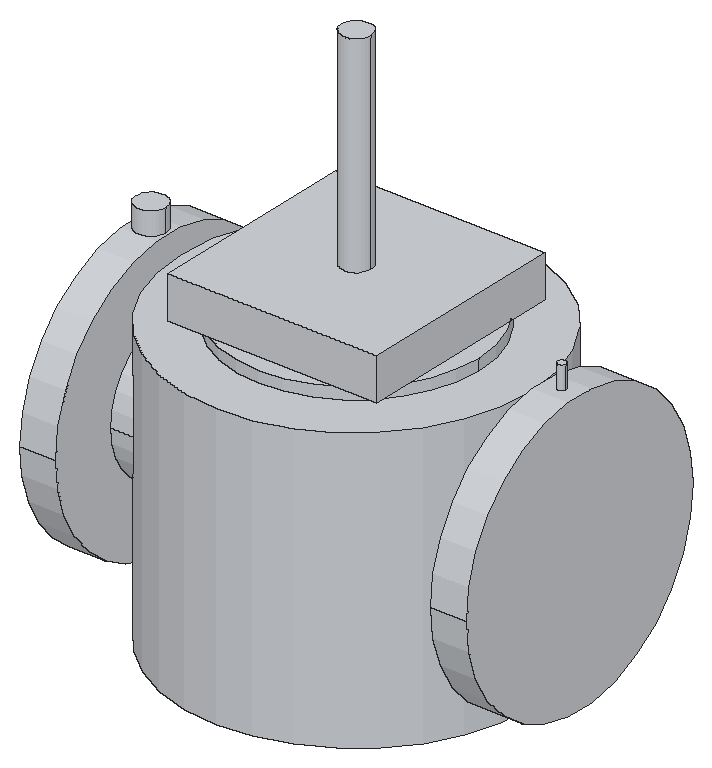
Revit family "OPTIMA_Compact_FLANGE_PN16_DN200-HF_RFA_2019", category Pipe Accessories, Revit 2019
Family settings
  Round Connector Dimension = Use Diameter
  Part Type = Valve - Breaks Into
  Work Plane-Based = No
  Always vertical = Yes
  Cut with Voids When Loaded = No
  Shared = No
Parameters (values of type "Optima Compact Flange PN16 DN200 HF")
  magiProductId = ""
  magiProductFamilyId = ""
  magiPartTypeId = 304
  isMeasuringValve [instance] = no
  ang2D [instance] = 0.00°
  W2D = 100 mm
  VersionID = "2.0/2018.8.28.1/FRESE_OPTIMA_FLANGE_Q13_002"
  Use Minimum Symbol Size [instance] = yes
  URL = "www.hydronic.cz"
  Type Comments = "Přírubový; PN16; 0~110°C, s měřením"
  R4 = 164.5 mm
  R3 = 98.8 mm
  R1 = 235 mm
  QmdConnectorList = "301;D;302;D"
  Productdata [instance] = ""
  Manufacturer = "Hydronic Systems Prague s.r.o."
  MC Product Code = "53-1216 (DN200 HF; 43mm; pohon min 1500N; Qmin-dpmin 130000l/h-31.0kPa; Qmax-dpmin 280000l/h-78.0kPa; dpmax 800kPa)"
  MC Piping Given Pressure Drop [instance] = 0.0 Pa
  LF__ve = -LF  # -48 mm
  LF2 = 24 mm
  LF = 48 mm
  L4 = 282 mm
  L3 = 504 mm
  L2D_Min = 3048 mm
  L2D = 350 mm
  L2 = 300 mm
  H6 = 281 mm
  H4 = 57 mm
  H3 = 15 mm
  H2 = 209 mm
  H1 = 380 mm
  Description = "Tlakově nezávislý 2-cestný regulační vyvažovací ventil (PICV)"
  DF2 = 190 mm
  D = 200 mm
  CAT0 = yes
Types (14, lengths in mm): name | magiProductId | magiProductFamilyId | W2D | Type Comments | R4 | R3 | R1 | MC Product Code | LF__ve | LF2 | LF | L4 | L3 | L2D | L2 | H6 | H4 | H3 | H2 | H1 | DF2 | D
  Optima Compact Flange PN16 DN050 LF | "Frese Optima Flange DN050 LF" | "Frese Optima Flange *" | 50 | "Přírubový; PN16; 0~120°C, s měřením" | 40.3 | 42.9 | 57.5 | "53-1200 (DN50 LF; 20mm; pohon min 1000N; Qmin-dpmin 2500l/h-6.5kPa; Qmax-dpmin 15000l/h-20.0kPa; dpmax 800kPa)" | -18.4 | 9.2 | 18.4 | 108.1 | 193.2 | 230 | 115 | 157.3 | 24.8 | 20.6 | 61.9 | 123.8 | 82.5 | 50
  Optima Compact Flange PN16 DN050 HF | "Frese Optima Flange DN050 HF" | "Frese Optima Flange *" | 50 | "Přírubový; PN16; 0~120°C, s měřením" | 40.25 | 42.9 | 57.5 | "53-1210 (DN50 HF; 20mm; pohon min 1000N; Qmin-dpmin 3900l/h-19.0kPa; Qmax-dpmin 24000l/h-50.0kPa; dpmax 800kPa)" | -18.4 | 9.2 | 18.4 | 108.1 | 193.2 | 230 | 115 | 157.25 | 24.75 | 20.625 | 61.875 | 123.75 | 82.5 | 50
  Optima Compact Flange PN16 DN065 LF | "Frese Optima Flange DN065 LF" | "Frese Optima Flange *" | 50 | "Přírubový; PN16; 0~120°C, s měřením" | 50.75 | 48.1 | 72.5 | "53-1201 (DN65 LF; 20mm; pohon min 1000N; Qmin-dpmin 4400l/h-15.0kPa; Qmax-dpmin 25000l/h-25.0kPa; dpmax 800kPa)" | -23.2 | 11.6 | 23.2 | 136.3 | 243.6 | 230 | 145 | 171.25 | 27.75 | 23.125 | 69.375 | 138.75 | 92.5 | 65
  Optima Compact Flange PN16 DN065 HF | "Frese Optima Flange DN065 HF" | "Frese Optima Flange *" | 50 | "Přírubový; PN16; 0~120°C, s měřením" | 50.75 | 48.1 | 72.5 | "53-1211 (DN65 HF; 20mm; pohon min 1000N; Qmin-dpmin 6000l/h-30.0kPa; Qmax-dpmin 35000l/h-55.0kPa; dpmax 800kPa)" | -23.2 | 11.6 | 23.2 | 136.3 | 243.6 | 230 | 145 | 171.25 | 27.75 | 23.125 | 69.375 | 138.75 | 92.5 | 65
  Optima Compact Flange PN16 DN080 LF | "Frese Optima Flange DN080 LF" | "Frese Optima Flange *" | 50 | "Přírubový; PN16; 0~120°C, s měřením" | 54.25 | 52 | 77.5 | "53-1202 (DN80 LF; 20mm; pohon min 1000N; Qmin-dpmin 5300l/h-16.0kPa; Qmax-dpmin 34000l/h-25.0kPa; dpmax 800kPa)" | -24.8 | 12.4 | 24.8 | 145.7 | 260.4 | 230 | 155 | 183 | 30 | 25 | 75 | 150 | 100 | 80
  Optima Compact Flange PN16 DN080 HF | "Frese Optima Flange DN080 HF" | "Frese Optima Flange *" | 50 | "Přírubový; PN16; 0~120°C, s měřením" | 54.25 | 52 | 77.5 | "53-1212 (DN80 HF; 20mm; pohon min 1000N; Qmin-dpmin 7000l/h-23.0kPa; Qmax-dpmin 43000l/h-50.0kPa; dpmax 800kPa)" | -24.8 | 12.4 | 24.8 | 145.7 | 260.4 | 230 | 155 | 183 | 30 | 25 | 75 | 150 | 100 | 80
  Optima Compact Flange PN16 DN100 LF | "Frese Optima Flange DN100 LF" | "Frese Optima Flange *" | 50 | "Přírubový; PN16; 0~120°C, s měřením" | 61.25 | 61.1 | 87.5 | "53-1203 (DN100 LF; 40mm; pohon min 1000N; Qmin-dpmin 12100l/h-20.0kPa; Qmax-dpmin 68000l/h-35.0kPa; dpmax 800kPa)" | -28 | 14 | 28 | 164.5 | 294 | 230 | 175 | 268.75 | 35.25 | 29.375 | 88.125 | 176.25 | 117.5 | 100
  Optima Compact Flange PN16 DN100 HF | "Frese Optima Flange DN100 HF" | "Frese Optima Flange *" | 50 | "Přírubový; PN16; 0~120°C, s měřením" | 61.25 | 61.1 | 87.5 | "53-1213 (DN100 HF; 40mm; pohon min 1000N; Qmin-dpmin 14800l/h-30.0kPa; Qmax-dpmin 90000l/h-75.0kPa; dpmax 800kPa)" | -28 | 14 | 28 | 164.5 | 294 | 230 | 175 | 268.75 | 35.25 | 29.375 | 88.125 | 176.25 | 117.5 | 100
  Optima Compact Flange PN16 DN125 LF | "Frese Optima Flange DN125 LF" | "Frese Optima Flange *" | 50 | "Přírubový; PN16; 0~120°C, s měřením" | 70 | 70.2 | 100 | "53-1204 (DN125 LF; 40mm; pohon min 1000N; Qmin-dpmin 18500l/h-16.0kPa; Qmax-dpmin 110000l/h-35.0kPa; dpmax 800kPa)" | -32 | 16 | 32 | 188 | 336 | 230 | 200 | 275.5 | 40.5 | 33.75 | 101.25 | 202.5 | 135 | 125
  Optima Compact Flange PN16 DN125 HF | "Frese Optima Flange DN125 HF" | "Frese Optima Flange *" | 50 | "Přírubový; PN16; 0~120°C, s měřením" | 70 | 70.2 | 100 | "53-1214 (DN125 HF; 40mm; pohon min 1000N; Qmin-dpmin 23000l/h-27.0kPa; Qmax-dpmin 135000l/h-53.0kPa; dpmax 800kPa)" | -32 | 16 | 32 | 188 | 336 | 230 | 200 | 275.5 | 40.5 | 33.75 | 101.25 | 202.5 | 135 | 125
  Optima Compact Flange PN16 DN150 LF | "Frese Optima Flange DN150 LF" | "Frese Optima Flange *" | 50 | "Přírubový; PN16; 0~110°C, s měřením" | 84 | 74.1 | 120 | "53-1205 (DN150 LF; 43mm; pohon min 1500N; Qmin-dpmin 25600l/h-21.0kPa; Qmax-dpmin 148000l/h-35.0kPa; dpmax 800kPa)" | -38.4 | 19.2 | 38.4 | 225.6 | 403.2 | 230 | 240 | 279.25 | 42.75 | 35.625 | 106.875 | 213.75 | 142.5 | 150
  Optima Compact Flange PN16 DN150 HF | "Frese Optima Flange DN150 HF" | "Frese Optima Flange *" | 50 | "Přírubový; PN16; 0~110°C, s měřením" | 84 | 74.1 | 120 | "53-1215 (DN150 HF; 43mm; pohon min 1500N; Qmin-dpmin 32000l/h-33.0kPa; Qmax-dpmin 195000l/h-65.0kPa; dpmax 800kPa)" | -38.4 | 19.2 | 38.4 | 225.6 | 403.2 | 230 | 240 | 279.25 | 42.75 | 35.625 | 106.875 | 213.75 | 142.5 | 150
  Optima Compact Flange PN16 DN200 LF | "" | "" | 100 | "Přírubový; PN16; 0~110°C, s měřením" | 164.5 | 98.8 | 235 | "53-1206 (DN200 LF; 43mm; pohon min 1500N; Qmin-dpmin 95000l/h-11.0kPa; Qmax-dpmin 210000l/h-32.0kPa; dpmax 800kPa)" | -48 | 24 | 48 | 282 | 504 | 350 | 300 | 281 | 57 | 15 | 209 | 380 | 190 | 200
  Optima Compact Flange PN16 DN200 HF | "" | "" | 100 | "Přírubový; PN16; 0~110°C, s měřením" | 164.5 | 98.8 | 235 | "53-1216 (DN200 HF; 43mm; pohon min 1500N; Qmin-dpmin 130000l/h-31.0kPa; Qmax-dpmin 280000l/h-78.0kPa; dpmax 800kPa)" | -48 | 24 | 48 | 282 | 504 | 350 | 300 | 281 | 57 | 15 | 209 | 380 | 190 | 200
Reference planes
  plane 1 "Center (Front/Back)": y = 0
  plane 2 "XYPLANE": z = 0
  plane 3 "Center (Left/Right)": x = 0
  plane 4 "157": x = 276
  plane 5 "156": x = -276
  plane 6 "155": z = 190
  plane 7 "154": z = 243
  plane 8 "153": z = 186
  plane 9 "152": z = 171
  plane 10 "151": x = -252
  plane 11 "150": z = -209
  plane 12 "149": x = 0
  plane 13 "148": y = 0
  plane 14 "147": z = 0
  plane 15 "146": x = -300
  plane 16 "145": x = 300
Forms (mm)
  Extrusion 1, solid, visible <- "CAT0"
    sketch origin (-750, 0, 190) x (1, 0, 0) y (0, 1, 0)
      loop
        circle (1026, 0) r 5.5
    from 0 to 30
  Extrusion 2, solid, visible <- "CAT0"
    sketch origin (-750, 0, 190) x (1, 0, 0) y (0, 1, 0)
      loop
        circle (474, 0) r 20.3
    from 0 to 30
  Extrusion 3, solid, visible <- "CAT0"
    sketch origin (-750, 0, 243) x (1, 0, 0) y (0, 1, 0)
      loop
        circle (750, 0) r 20
    from 0 to 281 <- "H6"
  Extrusion 4, solid, visible <- "CAT0"
    sketch origin (-750, 0, 186) x (1, 0, 0) y (0, 1, 0)
      loop
        line (891, 141) -> (609, 141) -> (609, -141) -> (891, -141) -> (891, 141)
    from 0 to 57 <- "H4"
  Extrusion 5, solid, visible <- "CAT0"
    sketch origin (-750, 0, 171) x (1, 0, 0) y (0, 1, 0)
      loop
        circle (750, 0) r 164.5
    from 0 to 15 <- "H3"
  Extrusion 6, solid, visible <- "CAT0"
    sketch origin (-252, -750, 0) x (0, 1, 0) y (0, 0, 1)
      loop
        circle (750, 0) r 98.8
    from 0 to 504 <- "L3"
  Extrusion 7, solid, visible <- "CAT0"
    sketch origin (-750, 0, -209) x (1, 0, 0) y (0, 1, 0)
      loop
        circle (750, 0) r 235
    from 0 to 380 <- "H1"
  Extrusion 8, solid, visible <- "CAT0"
    sketch origin (-300, -750, 0) x (0, 1, 0) y (0, 0, 1)
      loop
        circle (750, 0) r 190
    from 0 to 48 <- "LF"
  Extrusion 9, solid, visible <- "CAT0"
    sketch origin (300, -750, 0) x (0, 1, 0) y (0, 0, 1)
      loop
        circle (750, 0) r 190
    from 0 to -48 <- "LF__ve"
  Extrusion 10, solid, not visible
    sketch origin (-300, -750, 0) x (0, 1, 0) y (0, 0, 1)
      loop
        circle (750, 0) r 10
    from 0 to 10
  Extrusion 11, solid, not visible
    sketch origin (300, -750, 0) x (0, 1, 0) y (0, 0, 1)
      loop
        circle (750, 0) r 10
    from 0 to -10
Lines and regions (mm)
  reference lines, not visible
    curve 1: circle (2, 2, 0) r 1 normal (0, 0, 1)
  reference lines
    curve 2: circle (0, 0, 186) r 1 normal (0, 0, 1)
Dimensions and locks
  plane 1 "Center (Front/Back)" to curve 1 = 2 mm
  "LF2": plane 16 "145" to plane 4 "157"
  "LF2": plane 15 "146" to plane 5 "156"
  "DF2": plane 2 "XYPLANE" to plane 6 "155"
  "H4": plane 8 "153" to plane 7 "154"
  "H3": plane 9 "152" to plane 8 "153"
  "H1": plane 11 "150" to plane 9 "152"
  "LF": plane 15 "146" to plane 10 "151"
  "H2": plane 2 "XYPLANE" to plane 11 "150"
  locked: plane 3 "Center (Left/Right)" to plane 12 "149"
  locked: plane 1 "Center (Front/Back)" to plane 13 "148"
  locked: plane 2 "XYPLANE" to plane 14 "147"
  "L2": plane 3 "Center (Left/Right)" to plane 15 "146"
  "L2": plane 3 "Center (Left/Right)" to plane 16 "145"
  equal spacing: Extrusion 4 sketch curve, curve 2, Extrusion 4 sketch curve  (x2)
  "L4": Extrusion 4 sketch curve to Extrusion 4 sketch curve  (x2)
  Extrusion 4 sketch curve to Extrusion 4 sketch curve = 0 mm  (x8)
  "R4": radius of Extrusion 5 sketch curve
  "R3": radius of Extrusion 6 sketch curve
  "R1": radius of Extrusion 7 sketch curve
  "DF2": radius of Extrusion 8 sketch curve
  "DF2": radius of Extrusion 9 sketch curve
  aligned and locked: level to plane 2 "XYPLANE"
  aligned and locked: plane 4 "157" to Extrusion 1 sketch curve
  aligned and locked: plane 13 "148" to Extrusion 1 sketch curve
  aligned and locked: plane 5 "156" to Extrusion 2 sketch curve
  aligned and locked: plane 13 "148" to Extrusion 2 sketch curve
  aligned and locked: plane 12 "149" to Extrusion 3 sketch curve
  aligned and locked: plane 13 "148" to Extrusion 3 sketch curve
  aligned and locked: plane 12 "149" to curve 2
  aligned and locked: plane 13 "148" to curve 2
  aligned and locked: plane 12 "149" to Extrusion 5 sketch curve
  aligned and locked: plane 13 "148" to Extrusion 5 sketch curve
  aligned and locked: Extrusion 6 sketch curve to plane 13 "148"
  aligned and locked: plane 14 "147" to Extrusion 6 sketch curve
  aligned and locked: plane 12 "149" to Extrusion 7 sketch curve
  aligned and locked: plane 13 "148" to Extrusion 7 sketch curve
  aligned and locked: Extrusion 8 sketch curve to plane 13 "148"
  aligned and locked: plane 14 "147" to Extrusion 8 sketch curve
  aligned and locked: Extrusion 9 sketch curve to plane 13 "148"
  aligned and locked: plane 14 "147" to Extrusion 9 sketch curve
  aligned and locked: Extrusion 10 sketch curve to plane 13 "148"
  aligned and locked: plane 14 "147" to Extrusion 10 sketch curve
  aligned and locked: Extrusion 11 sketch curve to plane 13 "148"
  aligned and locked: plane 14 "147" to Extrusion 11 sketch curve
Automatic sketch dimensions
  Extrusion 1 sketch curve to plane 4 "157" = 5.5 mm
  plane 15 "146" to Extrusion 2 sketch curve = 3.7 mm
  Extrusion 3 sketch curve to plane 3 "Center (Left/Right)" = 20 mm
  plane 1 "Center (Front/Back)" to Extrusion 10 sketch curve = 10 mm
  plane 1 "Center (Front/Back)" to Extrusion 11 sketch curve = 10 mm
  plane 3 "Center (Left/Right)" to curve 1 = 2 mm
  plane 10 "151" to Extrusion 4 sketch curve = 111 mm
  plane 1 "Center (Front/Back)" to Extrusion 4 sketch curve = 141 mm
  radius of curve 2 = 1 mm
  radius of curve 1 = 1 mm
Connectors
  piping at (-300, 0, 0), diameter 200, driven by "D"
    settings: on Extrusion 10, index 1, connector inside diameter 609.6 mm, connector length 0 mm, flow factor 0, pipe flow 0.0 L/s, pressure drop 0.0 Pa, fitting loss kfactor 0, connector angle 0.00°, fixture units 0, engagement length 0 mm, angle of deflection 0.00°, flow configuration 0, flow direction 0, fitting loss method 0, system type 29, joint type 0, gender type 0, connector reference index 2, connector utility 0, adjustable connector no, is connector primary yes, connector description ""
  piping at (300, 0, 0), diameter 200, driven by "D"
    settings: on Extrusion 11, index 2, connector inside diameter 609.6 mm, connector length 0 mm, flow factor 0, pipe flow 0.0 L/s, pressure drop 0.0 Pa, fitting loss kfactor 0, connector angle 0.00°, fixture units 0, engagement length 0 mm, angle of deflection 0.00°, flow configuration 0, flow direction 0, fitting loss method 0, system type 29, joint type 0, gender type 0, connector reference index 1, connector utility 0, adjustable connector no, is connector primary no, connector description ""
